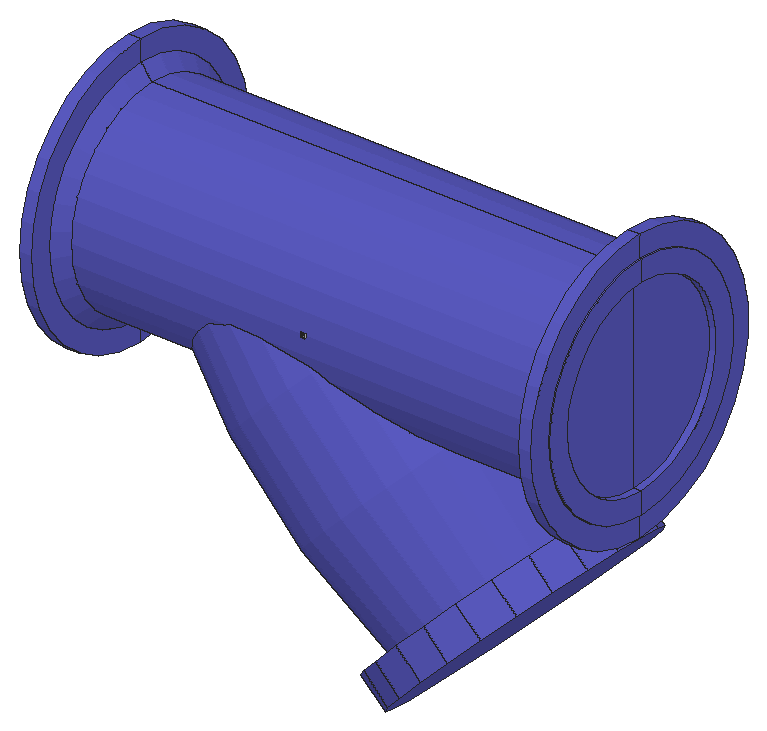
Revit family "HERZ Strainer 4111", category Rohrzubehör, Revit 2021
Family settings
  Bemaßung runder Anschluss = Durchmesser verwenden
  Teiletyp = Unterbricht
  OmniClass-Nummer = 23.65.55.14
  OmniClass-Titel = Valves for Liquid Services
  Arbeitsebenenbasiert = Nein
  Immer vertikal = Ja
  Beim Laden mit Abzugskörper schneiden = Nein
  Gemeinsam genutzt = Nein
Parameters
  Weight [instance] = size_lookup("4111_F_", "Gew", 0, Nennweite)  # 505
  Vorgabe-Ansicht = 0.000 mm
  Part number [instance] = size_lookup("4111_F_", "Artnr", 0, Nennweite)  # 4411190
  PN = 1600000.0 Pa  # constant formula
  kvs [instance] = if(Nennweite = 50.000 mm, 51, if(Nennweite = 65.000 mm, 70, if(Nennweite = 80.000 mm, 114, if(Nennweite = 100.000 mm, 197, if(Nennweite = 125.000 mm, 271, if(Nennweite = 150.000 mm, 349, if(Nennweite = 200.000 mm, 449, if(Nennweite = 250.000 mm, 994, if(Nennweite = 300.000 mm, 1566, if(Nennweite = 350.000 mm, 2461, 3645))))))))))  # 3645
  Reinforcing frame = "stainless steel"  # constant formula
  W02 = 45.00°  # constant formula
  W01 = 140.00°  # constant formula
  Plug sealing = "copper"  # constant formula
  Plug = "steel St37"  # constant formula
  URL = "www.herzvalves.com"
  Schrauben [instance] = if(Nennweite = 50.000 mm, "4x M16x60", if(Nennweite = 65.000 mm, "4x M16x60", if(Nennweite = 80.000 mm, "8x M16x65", if(Nennweite = 100.000 mm, "8x M16x65", if(Nennweite = 125.000 mm, "8x M16x70", if(Nennweite = 150.000 mm, "8x M20x70", if(Nennweite = 200.000 mm, "12x M20x75", if(Nennweite = 250.000 mm, "12x M24x85", if(Nennweite = 300.000 mm, "12x M24x85", if(Nennweite = 350.000 mm, "16x M24x90", "16x M27x100"))))))))))  # "16x M27x100"
  SCRNSEQ = "AWI;AWI_TYP=\"1011\";2"
  SCRNCODE = "05;15;02"  # constant formula
  S01 [instance] = 2 * FLD01  # 580.000 mm
  R02 [instance] = size_lookup("4111_F_", "R2", 1.000 mm, Nennweite)  # 221.000 mm
  R01 [instance] = size_lookup("4111_F_", "R1", 1.000 mm, Nennweite)  # 250.000 mm
  Nennweite [instance] = 400.000 mm
  Min. operating temperature = -10 °C  # constant formula
  Medium = "Heating water quality according ÖNORM H5195 or VDI-Standard 2035. The use of ethylene or propylene glycol in a mixing ratio 25-50% is allowed."
  Max. operating temperature = 120 °C  # constant formula
  L02 [instance] = size_lookup("4111_F_", "L2", 1.000 mm, Nennweite)  # 301.000 mm
  Hersteller = "HERZ Armaturen Ges.m.b.H."  # constant formula
  L01 [instance] = size_lookup("4111_F_", "L1", 1.000 mm, Nennweite)  # 550.000 mm
  H01 [instance] = size_lookup("4111_F_", "H1", 1.000 mm, Nennweite)  # 479.500 mm
  Filter (DN50-DN80) = "AISI 304, mesh size 600 μm"  # constant formula
  Filter (DN100-DN400) = "AISI 304, mesh size 1500 μm"  # constant formula
  FLL02 [instance] = size_lookup("4111_F_", "FLL2", 1.000 mm, Nennweite)  # 30.000 mm
  FLL01 [instance] = size_lookup("4111_F_", "FLL1", 1.000 mm, Nennweite)  # 4.000 mm
  FLD02 [instance] = size_lookup("4111_F_", "FLD2", 1.000 mm, Nennweite)  # 245.000 mm
  FLD01 [instance] = size_lookup("4111_F_", "FLD1", 1.000 mm, Nennweite)  # 290.000 mm
  Seal = "Klingerit"  # constant formula
  DN80 [instance] = Nennweite = 80.000 mm  # no
  DN65 [instance] = Nennweite = 65.000 mm  # no
  DN50 [instance] = Nennweite = 50.000 mm  # no
  DN400 [instance] = Nennweite = 400.000 mm  # yes
  DN350 [instance] = Nennweite = 350.000 mm  # no
  DN300 [instance] = Nennweite = 300.000 mm  # no
  DN250 [instance] = Nennweite = 250.000 mm  # no
  DN200 [instance] = Nennweite = 200.000 mm  # no
  DN150 [instance] = Nennweite = 150.000 mm  # no
  DN125 [instance] = Nennweite = 125.000 mm  # no
  DN100 [instance] = Nennweite = 100.000 mm  # no
  DN [instance] = Nennweite / 2  # 200.000 mm
  D01 [instance] = size_lookup("4111_F_", "D1", 1.000 mm, Nennweite)  # 216.000 mm
  Body = "GG25"  # constant formula
  Bonnet = "GG25"  # constant formula
  Application = "For hot and cold water systems for fluids excluding acid and flammable fluids."
Reference planes
  plane 1 "Mitte (Vorne/hinten)": y = 0
  plane 2: z = 0
  plane 3 "Mitte (Links/rechts)": x = 0
Forms (mm)
  Revolve 1, solid, material "Herz-Marineblau", detail levels fine
    sketch origin (0, 0, 0) x (1, 0, 0) y (0, 0, 1)
      loop
        line (-546, 245) -> (-550, 245) -> (-550, 200) -> (-533.79, 200) -> (-533.79, 0) -> (533.79, 0) -> (533.79, 200) -> (550, 200) -> (550, 245) -> (546, 245) -> (546, 290) -> (520, 290) -> (520, 234.5) -> (504.477, 216) -> (-495.666, 216) -> (-520, 245) -> (-520, 290) -> (-546, 290) -> (-546, 245)
      axis (-550, 0) -> (550, 0)
    angle from 0 to 360
  Revolve 2, solid, material "Herz-Marineblau", detail levels fine
    sketch origin (0, 0, 0) x (1, 0, 0) y (0, 0, 1)
      loop
        line (-230.5, 0) -> (-371.921, -141.421)
        arc (-371.921, -141.421) -> (-167.867, -415.168) -> (92.729, -635.771) r 1502.314
        line (92.729, -635.771) -> (249, -479.5) -> (-230.5, 0)
      axis (-230.5, 0) -> (249, -479.5)
    angle from 0 to 360
  Extrusion 3, solid, material "Herz-Marineblau", visible <- "DN50", detail levels fine
    sketch origin (12, 0, -74) x (0, 1, 0) y (0.707107, 0, 0.707107)
      loop
        arc (50, 40) -> (47.071, 47.071) -> (40, 50) r 10
        line (40, 50) -> (-40, 50)
        arc (-40, 50) -> (-47.071, 47.071) -> (-50, 40) r 10
        line (-50, 40) -> (-50, -40)
        arc (-50, -40) -> (-47.071, -47.071) -> (-40, -50) r 10
        line (-40, -50) -> (40, -50)
        arc (40, -50) -> (47.071, -47.071) -> (50, -40) r 10
        line (50, -40) -> (50, 40)
    from 30.5 to 0
  Extrusion 4, solid, material "Herz-Marineblau", visible <- "DN65", detail levels fine
    sketch origin (17, 0, -102.5) x (0, 1, 0) y (0.707107, 0, 0.707107)
      loop
        line (-60, 40) -> (-60, -40)
        arc (-60, -40) -> (-54.142, -54.142) -> (-40, -60) r 20
        line (-40, -60) -> (40, -60)
        arc (40, -60) -> (54.142, -54.142) -> (60, -40) r 20
        line (60, -40) -> (60, 40)
        arc (60, 40) -> (54.142, 54.142) -> (40, 60) r 20
        line (40, 60) -> (-40, 60)
        arc (-40, 60) -> (-54.142, 54.142) -> (-60, 40) r 20
    from 33 to 0
  Extrusion 5, solid, material "Herz-Marineblau", visible <- "DN80", detail levels fine
    sketch origin (44, 0, -118) x (0, 1, 0) y (0.707107, 0, 0.707107)
      loop
        line (-67, 47) -> (-67, -47)
        arc (-67, -47) -> (-61.142, -61.142) -> (-47, -67) r 20
        line (-47, -67) -> (47, -67)
        arc (47, -67) -> (61.142, -61.142) -> (67, -47) r 20
        line (67, -47) -> (67, 47)
        arc (67, 47) -> (61.142, 61.142) -> (47, 67) r 20
        line (47, 67) -> (-47, 67)
        arc (-47, 67) -> (-61.142, 61.142) -> (-67, 47) r 20
    from 34 to 0
  Extrusion 6, solid, material "Herz-Marineblau", visible <- "DN100", detail levels fine
    sketch origin (43, -449.258, -142) x (0, 1, 0) y (0.707107, 0, 0.707107)
      loop
        line (544.008, 0) -> (531.314, 47.375) -> (496.633, 82.056) -> (449.258, 94.75) -> (401.883, 82.056) -> (367.203, 47.375) -> (354.508, 0) -> (367.203, -47.375) -> (401.883, -82.056) -> (449.258, -94.75) -> (496.633, -82.056) -> (531.314, -47.375) -> (544.008, 0)
    from 35.5 to 0
  Extrusion 7, solid, material "Herz-Marineblau", visible <- "DN125", detail levels fine
    sketch origin (54, -422.813, -170) x (0, 1, 0) y (0.707107, 0, 0.707107)
      loop
        line (535.313, 0) -> (520.241, 56.25) -> (479.063, 97.428) -> (422.813, 112.5) -> (366.563, 97.428) -> (325.386, 56.25) -> (310.313, 0) -> (325.386, -56.25) -> (366.563, -97.428) -> (422.813, -112.5) -> (479.063, -97.428) -> (520.241, -56.25) -> (535.313, 0)
    from 44.5 to 0
  Extrusion 8, solid, material "Herz-Marineblau", visible <- "DN150", detail levels fine
    sketch origin (61.5, -490.074, -187.5) x (0, 1, 0) y (0.707107, 0, 0.707107)
      loop
        line (621.324, 0) -> (603.739, 65.625) -> (555.699, 113.666) -> (490.074, 131.25) -> (424.449, 113.666) -> (376.408, 65.625) -> (358.824, 0) -> (376.408, -65.625) -> (424.449, -113.666) -> (490.074, -131.25) -> (555.699, -113.666) -> (603.739, -65.625) -> (621.324, 0)
    from 44.7 to 0
  Extrusion 9, solid, material "Herz-Marineblau", visible <- "DN200", detail levels fine
    sketch origin (82, -429.19, -249) x (0, 1, 0) y (0.707107, 0, 0.707107)
      loop
        line (588.19, 0) -> (566.888, 79.5) -> (508.69, 137.698) -> (429.19, 159) -> (349.69, 137.698) -> (291.492, 79.5) -> (270.19, 0) -> (291.492, -79.5) -> (349.69, -137.698) -> (429.19, -159) -> (508.69, -137.698) -> (566.888, -79.5) -> (588.19, 0)
    from 47 to 0
  Extrusion 10, solid, material "Herz-Marineblau", visible <- "DN250", detail levels fine
    sketch origin (109.5, -496.545, -300) x (0, 1, 0) y (0.707107, 0, 0.707107)
      loop
        line (686.545, 0) -> (680.071, 49.176) -> (661.09, 95) -> (630.895, 134.35) -> (591.545, 164.545) -> (545.72, 183.526) -> (496.545, 190) -> (447.369, 183.526) -> (401.545, 164.545) -> (362.194, 134.35) -> (332, 95) -> (313.019, 49.176) -> (306.545, 0) -> (313.019, -49.176) -> (332, -95) -> (362.194, -134.35) -> (401.545, -164.545) -> (447.369, -183.526) -> (496.545, -190) -> (545.72, -183.526) -> (591.545, -164.545) -> (630.895, -134.35) -> (661.09, -95) -> (680.071, -49.176) -> (686.545, 0)
    from 56.5 to 0
  Extrusion 11, solid, material "Herz-Marineblau", visible <- "DN300", detail levels fine
    sketch origin (82, 617.078, -333) x (0, 1, 0) y (0.707107, 0, 0.707107)
      loop
        line (-390.078, 0) -> (-397.813, 58.752) -> (-420.49, 113.5) -> (-456.565, 160.513) -> (-503.578, 196.588) -> (-558.326, 219.265) -> (-617.078, 227) -> (-675.83, 219.265) -> (-730.578, 196.588) -> (-777.591, 160.513) -> (-813.666, 113.5) -> (-836.343, 58.752) -> (-844.078, 0) -> (-836.343, -58.752) -> (-813.666, -113.5) -> (-777.591, -160.513) -> (-730.578, -196.588) -> (-675.83, -219.265) -> (-617.078, -227) -> (-558.326, -219.265) -> (-503.578, -196.588) -> (-456.565, -160.513) -> (-420.49, -113.5) -> (-397.813, -58.752) -> (-390.078, 0)
    from 61 to 0
  Extrusion 12, solid, material "Herz-Marineblau", visible <- "DN350", detail levels fine
    sketch origin (211, 802.601, -476) x (0, 1, 0) y (0.707107, 0, 0.707107)
      loop
        line (-547.601, 0) -> (-556.29, 65.999) -> (-581.764, 127.5) -> (-622.288, 180.312) -> (-675.101, 220.836) -> (-736.602, 246.311) -> (-802.601, 255) -> (-868.6, 246.311) -> (-930.101, 220.836) -> (-982.913, 180.312) -> (-1023.437, 127.5) -> (-1048.912, 65.999) -> (-1057.601, 0) -> (-1048.912, -65.999) -> (-1023.437, -127.5) -> (-982.913, -180.312) -> (-930.101, -220.836) -> (-868.6, -246.311) -> (-802.601, -255) -> (-736.602, -246.311) -> (-675.101, -220.836) -> (-622.288, -180.312) -> (-581.764, -127.5) -> (-556.29, -65.999) -> (-547.601, 0)
    from 73 to 0
  Extrusion 13, solid, material "Herz-Marineblau", visible <- "DN400", detail levels fine
    sketch origin (249, 812.573, -479.5) x (0, 1, 0) y (0.707107, 0, 0.707107)
      loop
        line (-532.573, 0) -> (-542.114, 72.469) -> (-570.086, 140) -> (-614.583, 197.99) -> (-672.573, 242.487) -> (-740.104, 270.459) -> (-812.573, 280) -> (-885.042, 270.459) -> (-952.573, 242.487) -> (-1010.563, 197.99) -> (-1055.06, 140) -> (-1083.032, 72.469) -> (-1092.573, 0) -> (-1083.032, -72.469) -> (-1055.06, -140) -> (-1010.563, -197.99) -> (-952.573, -242.487) -> (-885.042, -270.459) -> (-812.573, -280) -> (-740.104, -270.459) -> (-672.573, -242.487) -> (-614.583, -197.99) -> (-570.086, -140) -> (-542.114, -72.469) -> (-532.573, 0)
    from 74 to 0
Lines and regions (mm)
  model lines, detail levels coarse+medium
    curve 1: line (-550, 0, 290) -> (550, 0, 290)
    curve 2: line (-550, 0, -290) -> (-550, 0, 290)
    curve 3: line (550, 0, -290) -> (-550, 0, -290)
    curve 4: line (550, 0, 290) -> (550, 0, -290)
    curve 5: line (550, 0, -290) -> (-550, 0, 290)
    curve 6: line (-550, 290, 0) -> (550, 290, 0)
    curve 7: line (-550, -290, 0) -> (-550, 290, 0)
    curve 8: line (550, -290, 0) -> (-550, -290, 0)
    curve 9: line (550, 290, 0) -> (550, -290, 0)
    curve 10: line (550, -290, 0) -> (-550, 290, 0)
Dimensions and locks
  "FLD01": Revolve 1 sketch curve to plane 2  (x2)
  "FLD02": Revolve 1 sketch curve to plane 2  (x3)
  "DN": Revolve 1 sketch curve to plane 2  (x2)
  "L01": Revolve 1 sketch curve to plane 3 "Mitte (Links/rechts)"  (x2)
  "FLL01": Revolve 1 sketch curve to Revolve 1 sketch curve  (x2)
  "FLL02": Revolve 1 sketch curve to Revolve 1 sketch curve  (x2)
  "D01": Revolve 1 sketch curve to plane 2  (x2)
  "H01": plane 2 to Revolve 2 sketch curve
  "L02": Revolve 2 sketch curve to Revolve 1
  "R02": Revolve 2 sketch curve to Revolve 2 sketch curve
  "DN": Revolve 2 sketch curve to Revolve 2 sketch curve
  "D01": nested 1 to plane 1 "Mitte (Vorne/hinten)"
  "L01": plane 3 "Mitte (Links/rechts)" to curve 2
  "L01": plane 3 "Mitte (Links/rechts)" to curve 4
  equal spacing: curve 5, plane 2, curve 3
  "S01": curve 1 to curve 3
  equal spacing: curve 8, plane 1 "Mitte (Vorne/hinten)", curve 6
  "S01": curve 8 to curve 6
  "L01": curve 7 to plane 3 "Mitte (Links/rechts)"
  "L01": plane 3 "Mitte (Links/rechts)" to curve 9
  "R01": Revolve 2 sketch curve to Revolve 2 sketch curve
  "W01": angle Revolve 1 sketch curve to Revolve 1 sketch curve  (x2)
  "W02": angle Revolve 2 sketch curve to plane 2
  aligned and locked: level to plane 2
Automatic sketch dimensions
  plane 1 "Mitte (Vorne/hinten)" to Extrusion 3 sketch curve = 50.000 mm
  Extrusion 3 sketch curve to Extrusion 3 sketch curve = 10.000 mm  (x3)
  Extrusion 3 sketch curve to plane 1 "Mitte (Vorne/hinten)" = 40.000 mm  (x2)
  Extrusion 3 sketch curve to Extrusion 3 sketch curve = 80.000 mm
  plane 1 "Mitte (Vorne/hinten)" to Extrusion 4 sketch curve = 60.000 mm
  Extrusion 4 sketch curve to Extrusion 4 sketch curve = 20.000 mm  (x3)
  Extrusion 4 sketch curve to plane 1 "Mitte (Vorne/hinten)" = 40.000 mm  (x2)
  Extrusion 4 sketch curve to Extrusion 4 sketch curve = 80.000 mm
  plane 1 "Mitte (Vorne/hinten)" to Extrusion 5 sketch curve = 67.000 mm
  Extrusion 5 sketch curve to Extrusion 5 sketch curve = 20.000 mm  (x3)
  Extrusion 5 sketch curve to plane 1 "Mitte (Vorne/hinten)" = 47.000 mm  (x2)
  Extrusion 5 sketch curve to Extrusion 5 sketch curve = 94.000 mm
  Extrusion 6 sketch curve to plane 1 "Mitte (Vorne/hinten)" = 0.000 mm  (x2)
  plane 1 "Mitte (Vorne/hinten)" to Extrusion 6 sketch curve = 47.375 mm  (x2)
  Extrusion 6 sketch curve to Extrusion 6 sketch curve = 34.681 mm  (x8)
  Extrusion 6 sketch curve to Extrusion 6 sketch curve = 12.694 mm  (x5)
  Extrusion 6 sketch curve to plane 1 "Mitte (Vorne/hinten)" = 47.375 mm  (x2)
  Extrusion 6 sketch curve to Extrusion 6 sketch curve = 47.375 mm  (x4)
  Extrusion 7 sketch curve to plane 1 "Mitte (Vorne/hinten)" = 0.000 mm  (x2)
  plane 1 "Mitte (Vorne/hinten)" to Extrusion 7 sketch curve = 56.250 mm  (x2)
  Extrusion 7 sketch curve to Extrusion 7 sketch curve = 41.178 mm  (x8)
  Extrusion 7 sketch curve to Extrusion 7 sketch curve = 15.072 mm  (x5)
  Extrusion 7 sketch curve to plane 1 "Mitte (Vorne/hinten)" = 56.250 mm  (x2)
  Extrusion 7 sketch curve to Extrusion 7 sketch curve = 56.250 mm  (x4)
  Extrusion 8 sketch curve to plane 1 "Mitte (Vorne/hinten)" = 0.000 mm  (x2)
  plane 1 "Mitte (Vorne/hinten)" to Extrusion 8 sketch curve = 65.625 mm  (x2)
  Extrusion 8 sketch curve to Extrusion 8 sketch curve = 48.041 mm  (x8)
  Extrusion 8 sketch curve to Extrusion 8 sketch curve = 17.584 mm  (x5)
  Extrusion 8 sketch curve to plane 1 "Mitte (Vorne/hinten)" = 65.625 mm  (x2)
  Extrusion 8 sketch curve to Extrusion 8 sketch curve = 65.625 mm  (x4)
  Extrusion 9 sketch curve to plane 1 "Mitte (Vorne/hinten)" = 0.000 mm  (x2)
  plane 1 "Mitte (Vorne/hinten)" to Extrusion 9 sketch curve = 79.500 mm  (x2)
  Extrusion 9 sketch curve to Extrusion 9 sketch curve = 58.198 mm  (x8)
  Extrusion 9 sketch curve to Extrusion 9 sketch curve = 21.302 mm  (x5)
  Extrusion 9 sketch curve to plane 1 "Mitte (Vorne/hinten)" = 79.500 mm  (x2)
  Extrusion 9 sketch curve to Extrusion 9 sketch curve = 79.500 mm  (x4)
  Extrusion 10 sketch curve to plane 1 "Mitte (Vorne/hinten)" = 0.000 mm  (x2)
  plane 1 "Mitte (Vorne/hinten)" to Extrusion 10 sketch curve = 49.176 mm  (x2)
  Extrusion 10 sketch curve to Extrusion 10 sketch curve = 45.824 mm  (x8)
  Extrusion 10 sketch curve to Extrusion 10 sketch curve = 39.350 mm  (x8)
  Extrusion 10 sketch curve to Extrusion 10 sketch curve = 30.195 mm  (x8)
  Extrusion 10 sketch curve to Extrusion 10 sketch curve = 18.981 mm  (x8)
  Extrusion 10 sketch curve to Extrusion 10 sketch curve = 6.474 mm  (x5)
  Extrusion 10 sketch curve to plane 1 "Mitte (Vorne/hinten)" = 49.176 mm  (x2)
  Extrusion 10 sketch curve to Extrusion 10 sketch curve = 49.176 mm  (x4)
  Extrusion 11 sketch curve to plane 1 "Mitte (Vorne/hinten)" = 0.000 mm  (x2)
  plane 1 "Mitte (Vorne/hinten)" to Extrusion 11 sketch curve = 58.752 mm  (x2)
  Extrusion 11 sketch curve to Extrusion 11 sketch curve = 54.748 mm  (x8)
  Extrusion 11 sketch curve to Extrusion 11 sketch curve = 47.013 mm  (x8)
  Extrusion 11 sketch curve to Extrusion 11 sketch curve = 36.075 mm  (x8)
  Extrusion 11 sketch curve to Extrusion 11 sketch curve = 22.677 mm  (x8)
  Extrusion 11 sketch curve to Extrusion 11 sketch curve = 7.735 mm  (x5)
  Extrusion 11 sketch curve to plane 1 "Mitte (Vorne/hinten)" = 58.752 mm  (x2)
  Extrusion 11 sketch curve to Extrusion 11 sketch curve = 58.752 mm  (x4)
  Extrusion 12 sketch curve to plane 1 "Mitte (Vorne/hinten)" = 0.000 mm  (x2)
  plane 1 "Mitte (Vorne/hinten)" to Extrusion 12 sketch curve = 65.999 mm  (x2)
  Extrusion 12 sketch curve to Extrusion 12 sketch curve = 61.501 mm  (x8)
  Extrusion 12 sketch curve to Extrusion 12 sketch curve = 52.812 mm  (x8)
  Extrusion 12 sketch curve to Extrusion 12 sketch curve = 40.524 mm  (x8)
  Extrusion 12 sketch curve to Extrusion 12 sketch curve = 25.475 mm  (x8)
  Extrusion 12 sketch curve to Extrusion 12 sketch curve = 8.689 mm  (x5)
  Extrusion 12 sketch curve to plane 1 "Mitte (Vorne/hinten)" = 65.999 mm  (x2)
  Extrusion 12 sketch curve to Extrusion 12 sketch curve = 65.999 mm  (x4)
  Extrusion 13 sketch curve to plane 1 "Mitte (Vorne/hinten)" = 0.000 mm  (x2)
  plane 1 "Mitte (Vorne/hinten)" to Extrusion 13 sketch curve = 72.469 mm  (x2)
  Extrusion 13 sketch curve to Extrusion 13 sketch curve = 67.531 mm  (x8)
  Extrusion 13 sketch curve to Extrusion 13 sketch curve = 57.990 mm  (x8)
  Extrusion 13 sketch curve to Extrusion 13 sketch curve = 44.497 mm  (x8)
  Extrusion 13 sketch curve to Extrusion 13 sketch curve = 27.972 mm  (x8)
  Extrusion 13 sketch curve to Extrusion 13 sketch curve = 9.541 mm  (x5)
  Extrusion 13 sketch curve to plane 1 "Mitte (Vorne/hinten)" = 72.469 mm  (x2)
  Extrusion 13 sketch curve to Extrusion 13 sketch curve = 72.469 mm  (x4)
  Revolve 1 sketch curve to level = 0.000 mm  (x2)
  Revolve 1 sketch curve to Revolve 1 sketch curve = 16.210 mm  (x2)
  Revolve 1 sketch curve to Revolve 1 sketch curve = 15.523 mm
  Revolve 1 sketch curve to Revolve 1 sketch curve = 1391.530 mm
  Revolve 1 sketch curve to Revolve 1 sketch curve = 1724.148 mm
  Revolve 2 sketch curve to level = 0.000 mm  (x2)
  Revolve 2 sketch curve to Revolve 2 sketch curve = 0.000 mm  (x3)
Nested families
  nested 1: "Herz-Logo-vorne" at (0, -216, 0) x (0, -1, 0) z (0, 0, 1), type "Herz-Logo-vorne", detail levels fine
Connectors
  piping at (-550, 0, 0), diameter 400, driven by "Nennweite"
    settings: on Revolve 1, index 1, connector inside diameter 609.6 mm, connector length 0.000 mm, flow factor 0, pipe flow 0.0 L/s, pressure drop 0.0 Pa, fitting loss kfactor 0, connector angle 0.00°, fixture units 0, engagement length 0.000 mm, angle of deflection 0.00°, flow configuration 0, flow direction 1, fitting loss method 0, system type 29, joint type 0, gender type 0, connector reference index -1, connector utility 0, adjustable connector no, is connector primary yes, connector description ""
  piping at (550, 0, 0), diameter 400, driven by "Nennweite"
    settings: on Revolve 1, index 2, connector inside diameter 609.6 mm, connector length 0.000 mm, flow factor 0, pipe flow 0.0 L/s, pressure drop 0.0 Pa, fitting loss kfactor 0, connector angle 0.00°, fixture units 0, engagement length 0.000 mm, angle of deflection 0.00°, flow configuration 0, flow direction 2, fitting loss method 0, system type 29, joint type 0, gender type 0, connector reference index -1, connector utility 0, adjustable connector no, is connector primary no, connector description ""
Definition of nested family "Herz-Logo-vorne"
  Parameters (values of type "Herz-Logo-vorne")
    Default Elevation = 0.000 mm
  Reference planes
    plane 1 "Mitte (Vorne/hinten)": y = 0
    plane 2: z = 0
    plane 3 "Mitte (Links/rechts)": x = 0
  Forms (mm)
    Extrusion 1, solid
      sketch origin (0.732, -0.018, 0.017) x (0, -1, 0) y (0, 0, 1)
        loop
          line (-0.018, -4.517) -> (4.482, -4.517) -> (4.482, 4.483) -> (-4.518, 4.483) -> (-4.518, -4.517) -> (-0.018, -4.517)
        loop
          line (-0.05, -3.48) -> (3.482, -3.48) -> (3.482, 3.483) -> (-3.518, 3.483) -> (-3.518, -3.48) -> (-0.05, -3.48)
        loop
          arc (-0.018, 2.383) -> (-1.543, 3.287) -> (-3.067, 2.383) r 1.738
          arc (-3.067, 2.383) -> (-3.191, 1.899) -> (-3.067, 1.415) r 1.009
          line (-3.067, 1.415) -> (-0.018, -3.281) -> (3.032, 1.415)
          arc (3.032, 1.415) -> (3.156, 1.899) -> (3.032, 2.383) r 1.009
          arc (3.032, 2.383) -> (1.507, 3.287) -> (-0.018, 2.383) r 1.738
        loop
          arc (1.885, 1.272) -> (2.005, 1.675) -> (1.885, 2.079) r 0.74
          arc (1.885, 2.079) -> (1.265, 2.416) -> (0.644, 2.079) r 0.74
          line (0.644, 2.079) -> (-0.018, 0.97) -> (-0.679, 2.079)
          arc (-0.679, 2.079) -> (-1.3, 2.416) -> (-1.921, 2.079) r 0.74
          arc (-1.921, 2.079) -> (-2.04, 1.675) -> (-1.921, 1.272) r 0.74
          line (-1.921, 1.272) -> (-0.018, -1.658) -> (1.885, 1.272)
      from 0 to 1.5
  Dimensions and locks
    aligned and locked: level to plane 2
